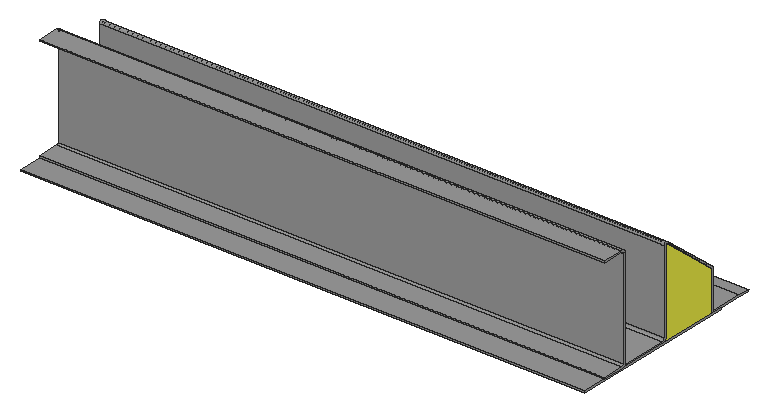
Revit family "SK 130 215 WIL", category Generic Models, Revit 2014
Parameters (values of type "Max lintel length 4050mm")
  URL = "http://www.keystonelintels.co.uk"
  Structural Opening [instance] = 900 mm
  Structural Performance = "The Keystone lintel range has safe working loads as detailed in each applicable loading table in the Keystone Lintel Guide brochure. The structural performance figures within each table have been ascertained by testing in accordance with the requirements of standards BS EN 5977-2: 1983 and BS EN 845-2: 2003."
  RIBA Productor Selector = "available for Keystone Lintels Ltd from Keystone Lintels Ltd from ribaproductselector.com"
  Model = "SK/130 215 WIL"
  Min Length = 600 mm
  Min Clear Span = 300 mm
  Max Length = 4050 mm
  Max Clear Span = 4050 mm
  Material - Stainless Steel = "Grade 304 2b 1.4307 to BS EN 10088-2. Other grades available on request: contact manufacturer."
  Material - Galvanised Steel = "To BS EN 10346: 2009. DX51D plus Z600 or grade Z275 to BS 5977-2: 1983 (BS EN 845-2: 2003)."
  Manufacturer = "Keystone"
  Manufactured Length [instance] = (roundup(Effective Length / 150 mm) * 150 mm)  # 1200 mm
  Lintel height [instance] = 2100 mm
  Keynote = "F30/755"
  Fire Performance = "Keystone lintels have been subjected to a fire test (WARRES No. 101263) in accordance with BS 476-20: 1987, at Exova Warrington Fire and achieved a one hour fire performance."
  End Bearing = 150 mm
  Effective Length [instance] = Clear Opening with MIN MAX set + End Bearing * 2  # 1200 mm
  Corrosion = "Keystone’s standard range of lintels are manufactured from high quality grade pre-galvanized carbon steel with a zinc coating of 600"
  Contact Tel = "+44 (0)28 8676 2184"
  Contact Email = "info@keystonelintels.co.uk"
  Clear Opening with MIN MAX set [instance] = if(Structural Opening < Min Clear Span, Min Clear Span, (if(Structural Opening > Max Clear Span, Max Clear Span, Structural Opening)))  # 900 mm
  CPD Information = "Available for Keystone Lintels Ltd from ribacpd.com"
Reference planes
  plane 1 "Center (Front/Back)": y = 0
  plane 2: z = 0
  plane 3 "Center (Left/Right)": x = 0
  plane 4: x = -600
  plane 5: x = 600
  plane 6: z = 2100
  plane 7: x = -450
  plane 8: x = 450
Forms (mm)
  Extrusion 1, solid, material "Steel"
    sketch origin (0, 658.204, -499.341) x (0, 1, 0) y (0, 0, 1)
      loop
        line (-500.602, 2598.435) -> (-500.486, 2601.633) -> (-525.486, 2602.541) -> (-590.486, 2602.541)
        arc (-590.486, 2602.541) -> (-594.022, 2604.006) -> (-595.486, 2607.541) r 5
        line (-595.486, 2607.541) -> (-595.486, 2685.903)
        arc (-595.486, 2685.903) -> (-595.976, 2688.106) -> (-597.353, 2689.894) r 5.2
        line (-597.353, 2689.894) -> (-714.953, 2788.123)
        arc (-714.953, 2788.123) -> (-720.489, 2788.842) -> (-723.486, 2784.132) r 5.2
        line (-723.486, 2784.132) -> (-723.486, 2607.541)
        arc (-723.486, 2607.541) -> (-724.951, 2604.006) -> (-728.486, 2602.541) r 5
        line (-728.486, 2602.541) -> (-823.486, 2602.541) -> (-823.486, 2599.341) -> (-728.486, 2599.341)
        arc (-728.486, 2599.341) -> (-722.688, 2601.743) -> (-720.286, 2607.541) r 8.2
        line (-720.286, 2607.541) -> (-720.286, 2784.132)
        arc (-720.286, 2784.132) -> (-719.133, 2785.944) -> (-717.004, 2785.667) r 2
        line (-717.004, 2785.667) -> (-599.404, 2687.438)
        arc (-599.404, 2687.438) -> (-598.875, 2686.751) -> (-598.686, 2685.903) r 2
        line (-598.686, 2685.903) -> (-598.686, 2607.541)
        arc (-598.686, 2607.541) -> (-596.284, 2601.743) -> (-590.486, 2599.341) r 8.2
        line (-590.486, 2599.341) -> (-525.544, 2599.341) -> (-500.602, 2598.435)
    from -600 to 600
  Extrusion 2, solid, material "Steel"
    sketch origin (0, 658.004, -499.341) x (0, 1, 0) y (0, 0, 1)
      loop
        line (-933.486, 2596.141) -> (-573.486, 2596.141) -> (-573.486, 2599.341) -> (-933.486, 2599.341) -> (-933.486, 2596.141)
    from -600 to 600
  Extrusion 3, solid, material "Insulation"
    sketch origin (0, 658.204, -499.341) x (0, 1, 0) y (0, 0, 1)
      loop
        arc (-590.486, 2599.341) -> (-596.284, 2601.743) -> (-598.686, 2607.541) r 8.2
        line (-598.686, 2607.541) -> (-598.686, 2685.903)
        arc (-598.686, 2685.903) -> (-598.875, 2686.751) -> (-599.404, 2687.438) r 2
        line (-599.404, 2687.438) -> (-717.004, 2785.667)
        arc (-717.004, 2785.667) -> (-719.133, 2785.944) -> (-720.286, 2784.132) r 2
        line (-720.286, 2784.132) -> (-720.286, 2607.541)
        arc (-720.286, 2607.541) -> (-722.688, 2601.743) -> (-728.486, 2599.341) r 8.2
        line (-728.486, 2599.341) -> (-590.486, 2599.341)
    from -600 to 600
  Extrusion 4, solid, material "Steel"
    sketch origin (0, 658.204, -499.341) x (0, 1, 0) y (0, 0, 1)
      loop
        line (-881.686, 2599.341) -> (-835.486, 2599.341)
        arc (-835.486, 2599.341) -> (-830.536, 2601.391) -> (-828.486, 2606.341) r 7
        line (-828.486, 2606.341) -> (-828.486, 2816.441)
        arc (-828.486, 2816.441) -> (-830.8, 2822.027) -> (-836.386, 2824.341) r 7.9
        line (-836.386, 2824.341) -> (-881.686, 2824.341) -> (-881.686, 2821.141) -> (-836.386, 2821.141)
        arc (-836.386, 2821.141) -> (-833.063, 2819.764) -> (-831.686, 2816.441) r 4.7
        line (-831.686, 2816.441) -> (-831.686, 2606.341)
        arc (-831.686, 2606.341) -> (-832.799, 2603.654) -> (-835.486, 2602.541) r 3.8
        line (-835.486, 2602.541) -> (-881.686, 2602.541) -> (-881.686, 2599.341)
    from -600 to 600
  Extrusion 5, solid, not visible
    sketch origin (0, 1058.268, 1355.358) x (0, 1, 0) y (0, 0, 1)
      loop
        line (-500.602, 998.435) -> (-500.486, 1001.633) -> (-525.486, 1002.541) -> (-590.486, 1002.541)
        arc (-590.486, 1002.541) -> (-594.022, 1004.006) -> (-595.486, 1007.541) r 5
        line (-595.486, 1007.541) -> (-595.486, 1085.903)
        arc (-595.486, 1085.903) -> (-595.976, 1088.106) -> (-597.353, 1089.894) r 5.2
        line (-597.353, 1089.894) -> (-714.953, 1188.123)
        arc (-714.953, 1188.123) -> (-720.489, 1188.842) -> (-723.486, 1184.132) r 5.2
        line (-723.486, 1184.132) -> (-723.486, 1007.541)
        arc (-723.486, 1007.541) -> (-724.951, 1004.006) -> (-728.486, 1002.541) r 5
        line (-728.486, 1002.541) -> (-823.486, 1002.541) -> (-823.486, 999.341) -> (-728.486, 999.341)
        arc (-728.486, 999.341) -> (-722.688, 1001.743) -> (-720.286, 1007.541) r 8.2
        line (-720.286, 1007.541) -> (-720.286, 1184.132)
        arc (-720.286, 1184.132) -> (-719.133, 1185.944) -> (-717.004, 1185.667) r 2
        line (-717.004, 1185.667) -> (-599.404, 1087.438)
        arc (-599.404, 1087.438) -> (-598.875, 1086.751) -> (-598.686, 1085.903) r 2
        line (-598.686, 1085.903) -> (-598.686, 1007.541)
        arc (-598.686, 1007.541) -> (-596.284, 1001.743) -> (-590.486, 999.341) r 8.2
        line (-590.486, 999.341) -> (-525.544, 999.341) -> (-500.602, 998.435)
    from 0 to 250
  Extrusion 6, solid, not visible
    sketch origin (0, 600.221, 1345.314) x (0, 1, 0) y (0, 0, 1)
      loop
        arc (-590.486, 999.341) -> (-596.284, 1001.743) -> (-598.686, 1007.541) r 8.2
        line (-598.686, 1007.541) -> (-598.686, 1085.903)
        arc (-598.686, 1085.903) -> (-598.875, 1086.751) -> (-599.404, 1087.438) r 2
        line (-599.404, 1087.438) -> (-717.004, 1185.667)
        arc (-717.004, 1185.667) -> (-719.133, 1185.944) -> (-720.286, 1184.132) r 2
        line (-720.286, 1184.132) -> (-720.286, 1007.541)
        arc (-720.286, 1007.541) -> (-722.688, 1001.743) -> (-728.486, 999.341) r 8.2
        line (-728.486, 999.341) -> (-590.486, 999.341)
    from 0 to 250
  Extrusion 7, solid, not visible
    sketch origin (0, 1168.833, 1041.965) x (0, 1, 0) y (0, 0, 1)
      loop
        line (-933.486, 996.141) -> (-573.486, 996.141) -> (-573.486, 999.341) -> (-933.486, 999.341) -> (-933.486, 996.141)
    from 0 to 250
  Extrusion 8, solid, not visible
    sketch origin (0, 763.678, 809.436) x (0, 1, 0) y (0, 0, 1)
      loop
        line (-881.686, 999.341) -> (-835.486, 999.341)
        arc (-835.486, 999.341) -> (-830.536, 1001.391) -> (-828.486, 1006.341) r 7
        line (-828.486, 1006.341) -> (-828.486, 1216.441)
        arc (-828.486, 1216.441) -> (-830.8, 1222.027) -> (-836.386, 1224.341) r 7.9
        line (-836.386, 1224.341) -> (-881.686, 1224.341) -> (-881.686, 1221.141) -> (-836.386, 1221.141)
        arc (-836.386, 1221.141) -> (-833.063, 1219.764) -> (-831.686, 1216.441) r 4.7
        line (-831.686, 1216.441) -> (-831.686, 1006.341)
        arc (-831.686, 1006.341) -> (-832.799, 1003.654) -> (-835.486, 1002.541) r 3.8
        line (-835.486, 1002.541) -> (-881.686, 1002.541) -> (-881.686, 999.341)
    from 0 to 250
Dimensions and locks
  equal spacing: plane 4, plane 3 "Center (Left/Right)", plane 5
  "Manufactured Length": plane 4 to plane 5
  "Lintel height": plane 6 to level
  "Structural Opening": plane 7 to plane 8
  equal spacing: plane 7, plane 3 "Center (Left/Right)", plane 8
  aligned and locked: level to plane 2
  aligned and locked: Extrusion 1 to plane 6
  aligned and locked: Extrusion 3 to plane 6
  aligned and locked: Extrusion 4 to plane 6
  aligned and locked: plane 6 to Extrusion 2
  aligned and locked: plane 5 to Extrusion 2
  aligned and locked: Extrusion 2 to plane 4
  aligned and locked: plane 5 to Extrusion 1
  aligned and locked: Extrusion 1 to plane 4
  aligned and locked: plane 5 to Extrusion 3
  aligned and locked: Extrusion 3 to plane 4
  aligned and locked: plane 5 to Extrusion 4
  aligned and locked: Extrusion 4 to plane 4
Automatic sketch dimensions
  Extrusion 1 sketch curve to Extrusion 1 sketch curve = 64.942 mm
  Extrusion 1 sketch curve to Extrusion 1 sketch curve = 0.906 mm
  Extrusion 1 sketch curve to Extrusion 1 sketch curve = 0.058 mm
  Extrusion 1 sketch curve to Extrusion 1 sketch curve = 0.116 mm
  Extrusion 1 sketch curve to Extrusion 1 sketch curve = 3.198 mm
  Extrusion 1 sketch curve to Extrusion 1 sketch curve = 5 mm  (x2)
  Extrusion 1 sketch curve to Extrusion 1 sketch curve = 0 mm  (x17)
  Extrusion 1 sketch curve to Extrusion 1 sketch curve = 78.362 mm
  Extrusion 1 sketch curve to Extrusion 1 sketch curve = 2 mm
  Extrusion 1 sketch curve to Extrusion 1 sketch curve = 0.718 mm
  Extrusion 1 sketch curve to Extrusion 1 sketch curve = 117.6 mm
  Extrusion 1 sketch curve to Extrusion 1 sketch curve = 98.229 mm
  Extrusion 1 sketch curve to Extrusion 1 sketch curve = 2.051 mm  (x2)
  Extrusion 1 sketch curve to Extrusion 1 sketch curve = 2.456 mm
  Extrusion 1 sketch curve to Extrusion 1 sketch curve = 1.282 mm
  Extrusion 1 sketch curve to Extrusion 1 sketch curve = 1.535 mm
  Extrusion 1 sketch curve to Extrusion 1 sketch curve = 95 mm
  Extrusion 2 sketch curve to Extrusion 2 sketch curve = 3.2 mm
  Extrusion 2 sketch curve to Extrusion 2 sketch curve = 360 mm
  Extrusion 3 sketch curve to Extrusion 3 sketch curve = 8.2 mm  (x2)
  Extrusion 3 sketch curve to Extrusion 3 sketch curve = 129.8 mm  (x2)
  Extrusion 3 sketch curve to Extrusion 3 sketch curve = 0 mm  (x3)
  Extrusion 3 sketch curve to Extrusion 3 sketch curve = 78.362 mm
  Extrusion 3 sketch curve to Extrusion 3 sketch curve = 98.229 mm
  Extrusion 3 sketch curve to Extrusion 3 sketch curve = 2 mm
  Extrusion 3 sketch curve to Extrusion 3 sketch curve = 1.282 mm
  Extrusion 3 sketch curve to Extrusion 3 sketch curve = 0.718 mm
  Extrusion 3 sketch curve to Extrusion 3 sketch curve = 1.535 mm
  Extrusion 4 sketch curve to Extrusion 4 sketch curve = 3.2 mm
  Extrusion 4 sketch curve to Extrusion 4 sketch curve = 46.2 mm
  Extrusion 4 sketch curve to Extrusion 4 sketch curve = 3.8 mm
  Extrusion 4 sketch curve to Extrusion 4 sketch curve = 0 mm  (x8)
  Extrusion 4 sketch curve to Extrusion 4 sketch curve = 210.1 mm
  Extrusion 4 sketch curve to Extrusion 4 sketch curve = 4.7 mm
  Extrusion 4 sketch curve to Extrusion 4 sketch curve = 45.3 mm
  Extrusion 5 sketch curve to Extrusion 5 sketch curve = 64.942 mm
  Extrusion 5 sketch curve to Extrusion 5 sketch curve = 0.906 mm
  Extrusion 5 sketch curve to Extrusion 5 sketch curve = 0.058 mm
  Extrusion 5 sketch curve to Extrusion 5 sketch curve = 0.116 mm
  Extrusion 5 sketch curve to Extrusion 5 sketch curve = 3.198 mm
  Extrusion 5 sketch curve to Extrusion 5 sketch curve = 5 mm  (x2)
  Extrusion 5 sketch curve to Extrusion 5 sketch curve = 0 mm  (x17)
  Extrusion 5 sketch curve to Extrusion 5 sketch curve = 78.362 mm
  Extrusion 5 sketch curve to Extrusion 5 sketch curve = 2 mm
  Extrusion 5 sketch curve to Extrusion 5 sketch curve = 0.718 mm
  Extrusion 5 sketch curve to Extrusion 5 sketch curve = 117.6 mm
  Extrusion 5 sketch curve to Extrusion 5 sketch curve = 98.229 mm
  Extrusion 5 sketch curve to Extrusion 5 sketch curve = 2.051 mm  (x2)
  Extrusion 5 sketch curve to Extrusion 5 sketch curve = 2.456 mm
  Extrusion 5 sketch curve to Extrusion 5 sketch curve = 1.282 mm
  Extrusion 5 sketch curve to Extrusion 5 sketch curve = 1.535 mm
  Extrusion 5 sketch curve to Extrusion 5 sketch curve = 95 mm
  Extrusion 6 sketch curve to Extrusion 6 sketch curve = 8.2 mm  (x2)
  Extrusion 6 sketch curve to Extrusion 6 sketch curve = 129.8 mm  (x2)
  Extrusion 6 sketch curve to Extrusion 6 sketch curve = 0 mm  (x3)
  Extrusion 6 sketch curve to Extrusion 6 sketch curve = 78.362 mm
  Extrusion 6 sketch curve to Extrusion 6 sketch curve = 98.229 mm
  Extrusion 6 sketch curve to Extrusion 6 sketch curve = 2 mm
  Extrusion 6 sketch curve to Extrusion 6 sketch curve = 1.282 mm
  Extrusion 6 sketch curve to Extrusion 6 sketch curve = 0.718 mm
  Extrusion 6 sketch curve to Extrusion 6 sketch curve = 1.535 mm
  Extrusion 7 sketch curve to Extrusion 7 sketch curve = 3.2 mm
  Extrusion 7 sketch curve to Extrusion 7 sketch curve = 360 mm
  Extrusion 8 sketch curve to Extrusion 8 sketch curve = 3.2 mm
  Extrusion 8 sketch curve to Extrusion 8 sketch curve = 46.2 mm
  Extrusion 8 sketch curve to Extrusion 8 sketch curve = 3.8 mm
  Extrusion 8 sketch curve to Extrusion 8 sketch curve = 0 mm  (x8)
  Extrusion 8 sketch curve to Extrusion 8 sketch curve = 210.1 mm
  Extrusion 8 sketch curve to Extrusion 8 sketch curve = 4.7 mm
  Extrusion 8 sketch curve to Extrusion 8 sketch curve = 45.3 mm
  Extrusion 4 sketch curve to plane 6 = 0 mm
  plane 1 "Center (Front/Back)" to Extrusion 4 sketch curve = 223.482 mm
  Extrusion 2 sketch curve to plane 6 = 0 mm
  plane 1 "Center (Front/Back)" to Extrusion 2 sketch curve = 275.482 mm
  Extrusion 3 sketch curve to plane 6 = 0 mm
  plane 1 "Center (Front/Back)" to Extrusion 3 sketch curve = 70.282 mm
  Extrusion 1 sketch curve to plane 6 = 0 mm
  plane 1 "Center (Front/Back)" to Extrusion 1 sketch curve = 165.282 mm
